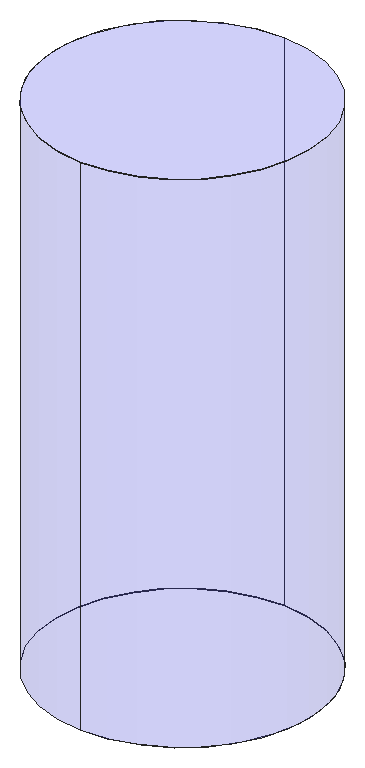
Revit family "M_Iluminação de estúdio", category Luminárias, Revit 2019
Family settings
  Cota do conector redondo = Utilizar diâmetro
  Tipo de parte = Normal
  Número OmniClass = 23.80.70.11.11
  Título OmniClass = General Luminaries, Non Directional
  ID de item do Seek = Studio Light-0000-CAN-ENU
  Com base no plano de trabalho = Não
  Sempre na vertical = Sim
  Corte com vazios quando carregada = Não
  Fonte luminosa = Sim
  Compartilhado = Não
  Ponto de cálculo do ambiente = Não
Parameters (values of type "277V")
  Comentários de voltagem = "100"
  Wattage = 100 W
  built-in parameter 1150110 = 1 (stored number, unit not read)
  built-in parameter 1114217 = 1 (stored number, unit not read)
  built-in parameter 1150109 = 1 (stored number, unit not read)
  built-in parameter 1150134 = 12
  built-in parameter 1150113 = 1 (stored number, unit not read)
  Tilt Angle = 90.00°
  Arquivo de rede fotométrica = "SL1MH.IES"
  built-in parameter 1150115 = 1 (stored number, unit not read)
  built-in parameter 1150105 = 565.8 (stored number, unit not read)
  Classificação de carga = Iluminação - Unidade de interrupção
  built-in parameter 1150137 = 1
  built-in parameter 1150139 = (empty or 0)
  built-in parameter 1150112 = 1 (stored number, unit not read)
  built-in parameter 1150114 = 1 (stored number, unit not read)
  built-in parameter 1150132 = (empty or 0)
  built-in parameter 1150102 = (empty or 0)
  built-in parameter 1150138 = (empty or 0)
  built-in parameter 1150107 = 4000 (stored number, unit not read)
  built-in parameter 1150106 = 5.658 (stored number, unit not read)
  built-in parameter 1150104 = 6.6054 (stored number, unit not read)
  Dimming Lamp Color Temperature Shift = (empty or 0)
  Altura-padrão = 2400 mm
  Lumens = 7110 lm
  Color Filter = 16777215
  Voltagem do transformador = 277 V
  Transformador por número de postes = 1
  built-in parameter 1114218 = 1 (stored number, unit not read)
  built-in parameter 1150133 = 10 (stored number, unit not read)
  Apparent Load = 100 VA
Types (3, lengths in mm): name | Voltagem do transformador
  (no name) | 277 V
  120V | 120 V
  277V | 277 V
Reference planes
  plane 1 "Eixo de origem da luz": y = 0
  plane 2: z = 0
  plane 3 "Eixo de origem da luz": x = 0
  plane 4 "Elevação da origem da luz": z = 2400
  plane 5: z = 2412.7
Forms (mm)
  Extrusion 1, solid, material "Vidro"
    sketch origin (0, 0, 2400) x (0, -1, 0) y (1, 0, 0)
      loop
        circle (0, 0) r 3.175
    from 0 to 12.7
Lines and regions (mm)
  model lines, style "LightingFixtures"
    curve 1: arc (258.5, 0, 2400) -> (4.5, 0, 2654) -> (-249.5, 0, 2400) r 254
    curve 2: arc (-249.5, 0, 2400) -> (4.5, 0, 2146) -> (258.5, 0, 2400) r 254
    curve 3: arc (0, 304.8, 2400) -> (0, 0, 2704.8) -> (0, -304.8, 2400) r 304.8
    curve 4: arc (0, -304.8, 2400) -> (0, 0, 2095.2) -> (0, 304.8, 2400) r 304.8
  symbolic lines, style "LightingFixtures"
    curve 5: arc (304.8, 0, 2400) -> (0, -304.8, 2400) -> (-304.8, 0, 2400) r 304.8
    curve 6: arc (-304.8, 0, 2400) -> (0, 304.8, 2400) -> (304.8, 0, 2400) r 304.8
Dimensions and locks
  "Altura-padrão": plane 2 to plane 4 "Elevação da origem da luz"
  plane 5 to plane 4 "Elevação da origem da luz" = 12.7 mm
  radius of Extrusion 1 sketch curve = 3.175 mm
  aligned and locked: plane 3 "Eixo de origem da luz" to imposter light
  aligned and locked: plane 1 "Eixo de origem da luz" to imposter light
  aligned and locked: plane 4 "Elevação da origem da luz" to imposter light
  aligned and locked: plane 3 "Eixo de origem da luz" to Extrusion 1 sketch curve
  aligned and locked: plane 1 "Eixo de origem da luz" to Extrusion 1 sketch curve
  aligned and locked: plane 5 to Extrusion 1
  aligned and locked: plane 4 "Elevação da origem da luz" to Extrusion 1
  aligned and locked: plane 1 "Eixo de origem da luz" to curve 6
  aligned and locked: plane 3 "Eixo de origem da luz" to curve 6
  aligned and locked: plane 4 "Elevação da origem da luz" to curve 2
  aligned and locked: plane 3 "Eixo de origem da luz" to curve 4
Automatic sketch dimensions
  curve 2 to plane 3 "Eixo de origem da luz" = 249.5 mm
  plane 3 "Eixo de origem da luz" to curve 2 = 4.5 mm
  curve 4 to plane 4 "Elevação da origem da luz" = 0 mm
  curve 4 to plane 1 "Eixo de origem da luz" = 0 mm
  plane 1 "Eixo de origem da luz" to curve 3 = 304.8 mm
  curve 5 to plane 3 "Eixo de origem da luz" = 304.8 mm
Connectors
  electrical at (0, 0, 2400), driven by "Apparent Load", driven by "Voltagem do transformador", driven by "Transformador por número de postes", driven by "Classificação de carga"
    settings: on Extrusion 1, index 1, voltage 277 V, apparent load 0 VA, apparent load phase1 100 VA, apparent load phase2 0 VA, apparent load phase3 0 VA, power factor 0.95, load classification "Iluminação - Unidade de interrupção", number of poles 1, system type 31, power factor state 1, is connector primary yes, connector utility no, sub classification motor no, connector description ""
